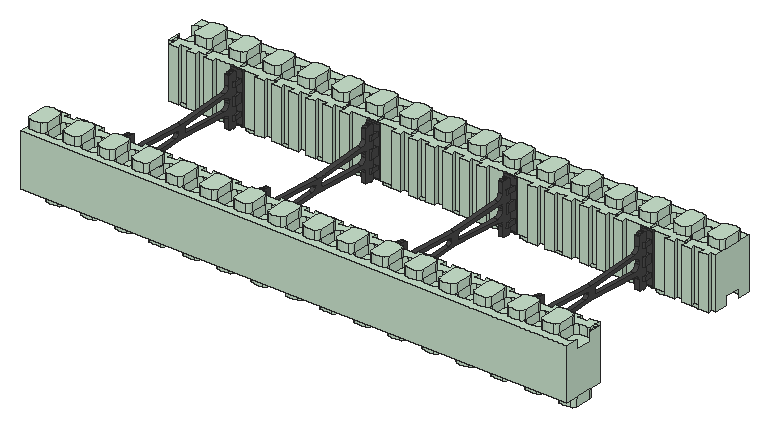
Revit family (continued)
Forms (mm)
  Extrusion 56, void
    sketch origin (508, 336.763, 0) x (-1, 0, 0) y (0, -1, 0)
      loop
        line (6.454, 56.046) -> (2.115, 56.046) -> (2.115, 47.255)
        arc (2.115, 47.255) -> (2.005, 46.676) -> (1.692, 46.177) r 1.588
        arc (1.692, 46.177) -> (0.438, 44.179) -> (0, 41.861) r 6.35
        line (0, 41.861) -> (0, 18.464)
        arc (0, 18.464) -> (1.215, 14.728) -> (4.396, 12.422) r 6.35
        arc (4.396, 12.422) -> (12.7, 11.112) -> (21.004, 12.422) r 26.987
        arc (21.004, 12.422) -> (24.185, 14.728) -> (25.4, 18.464) r 6.35
        line (25.4, 18.464) -> (25.4, 41.861)
        arc (25.4, 41.861) -> (24.185, 45.597) -> (21.004, 47.903) r 6.35
        arc (21.004, 47.903) -> (14.709, 49.138) -> (8.3, 48.851) r 26.987
        arc (8.3, 48.851) -> (7.014, 49.207) -> (6.454, 50.418) r 1.587
        line (6.454, 50.418) -> (6.454, 56.046)
    from 0 to 12.7
  Extrusion 57, void
    sketch origin (457.2, 336.763, 0) x (-1, 0, 0) y (0, -1, 0)
      loop
        line (6.454, 56.046) -> (2.115, 56.046) -> (2.115, 47.255)
        arc (2.115, 47.255) -> (2.005, 46.676) -> (1.692, 46.177) r 1.588
        arc (1.692, 46.177) -> (0.438, 44.179) -> (0, 41.861) r 6.35
        line (0, 41.861) -> (0, 18.464)
        arc (0, 18.464) -> (1.215, 14.728) -> (4.396, 12.422) r 6.35
        arc (4.396, 12.422) -> (12.7, 11.112) -> (21.004, 12.422) r 26.987
        arc (21.004, 12.422) -> (24.185, 14.728) -> (25.4, 18.464) r 6.35
        line (25.4, 18.464) -> (25.4, 41.861)
        arc (25.4, 41.861) -> (24.185, 45.597) -> (21.004, 47.903) r 6.35
        arc (21.004, 47.903) -> (14.709, 49.138) -> (8.3, 48.851) r 26.987
        arc (8.3, 48.851) -> (7.014, 49.207) -> (6.454, 50.418) r 1.587
        line (6.454, 50.418) -> (6.454, 56.046)
    from 0 to 12.7
  Extrusion 58, void
    sketch origin (406.4, 336.763, 0) x (-1, 0, 0) y (0, -1, 0)
      loop
        line (6.454, 56.046) -> (2.115, 56.046) -> (2.115, 47.255)
        arc (2.115, 47.255) -> (2.005, 46.676) -> (1.692, 46.177) r 1.588
        arc (1.692, 46.177) -> (0.438, 44.179) -> (0, 41.861) r 6.35
        line (0, 41.861) -> (0, 18.464)
        arc (0, 18.464) -> (1.215, 14.728) -> (4.396, 12.422) r 6.35
        arc (4.396, 12.422) -> (12.7, 11.112) -> (21.004, 12.422) r 26.987
        arc (21.004, 12.422) -> (24.185, 14.728) -> (25.4, 18.464) r 6.35
        line (25.4, 18.464) -> (25.4, 41.861)
        arc (25.4, 41.861) -> (24.185, 45.597) -> (21.004, 47.903) r 6.35
        arc (21.004, 47.903) -> (14.709, 49.138) -> (8.3, 48.851) r 26.987
        arc (8.3, 48.851) -> (7.014, 49.207) -> (6.454, 50.418) r 1.587
        line (6.454, 50.418) -> (6.454, 56.046)
    from 0 to 12.7
  Extrusion 59, void
    sketch origin (355.6, 336.763, 0) x (-1, 0, 0) y (0, -1, 0)
      loop
        line (6.454, 56.046) -> (2.115, 56.046) -> (2.115, 47.255)
        arc (2.115, 47.255) -> (2.005, 46.676) -> (1.692, 46.177) r 1.588
        arc (1.692, 46.177) -> (0.438, 44.179) -> (0, 41.861) r 6.35
        line (0, 41.861) -> (0, 18.464)
        arc (0, 18.464) -> (1.215, 14.728) -> (4.396, 12.422) r 6.35
        arc (4.396, 12.422) -> (12.7, 11.112) -> (21.004, 12.422) r 26.987
        arc (21.004, 12.422) -> (24.185, 14.728) -> (25.4, 18.464) r 6.35
        line (25.4, 18.464) -> (25.4, 41.861)
        arc (25.4, 41.861) -> (24.185, 45.597) -> (21.004, 47.903) r 6.35
        arc (21.004, 47.903) -> (14.709, 49.138) -> (8.3, 48.851) r 26.987
        arc (8.3, 48.851) -> (7.014, 49.207) -> (6.454, 50.418) r 1.587
        line (6.454, 50.418) -> (6.454, 56.046)
    from 0 to 12.7
  Extrusion 60, void
    sketch origin (304.8, 336.763, 0) x (-1, 0, 0) y (0, -1, 0)
      loop
        line (6.454, 56.046) -> (2.115, 56.046) -> (2.115, 47.255)
        arc (2.115, 47.255) -> (2.005, 46.676) -> (1.692, 46.177) r 1.588
        arc (1.692, 46.177) -> (0.438, 44.179) -> (0, 41.861) r 6.35
        line (0, 41.861) -> (0, 18.464)
        arc (0, 18.464) -> (1.215, 14.728) -> (4.396, 12.422) r 6.35
        arc (4.396, 12.422) -> (12.7, 11.112) -> (21.004, 12.422) r 26.987
        arc (21.004, 12.422) -> (24.185, 14.728) -> (25.4, 18.464) r 6.35
        line (25.4, 18.464) -> (25.4, 41.861)
        arc (25.4, 41.861) -> (24.185, 45.597) -> (21.004, 47.903) r 6.35
        arc (21.004, 47.903) -> (14.709, 49.138) -> (8.3, 48.851) r 26.987
        arc (8.3, 48.851) -> (7.014, 49.207) -> (6.454, 50.418) r 1.587
        line (6.454, 50.418) -> (6.454, 56.046)
    from 0 to 12.7
  Extrusion 61, void
    sketch origin (254, 336.763, 0) x (-1, 0, 0) y (0, -1, 0)
      loop
        line (6.454, 56.046) -> (2.115, 56.046) -> (2.115, 47.255)
        arc (2.115, 47.255) -> (2.005, 46.676) -> (1.692, 46.177) r 1.588
        arc (1.692, 46.177) -> (0.438, 44.179) -> (0, 41.861) r 6.35
        line (0, 41.861) -> (0, 18.464)
        arc (0, 18.464) -> (1.215, 14.728) -> (4.396, 12.422) r 6.35
        arc (4.396, 12.422) -> (12.7, 11.112) -> (21.004, 12.422) r 26.987
        arc (21.004, 12.422) -> (24.185, 14.728) -> (25.4, 18.464) r 6.35
        line (25.4, 18.464) -> (25.4, 41.861)
        arc (25.4, 41.861) -> (24.185, 45.597) -> (21.004, 47.903) r 6.35
        arc (21.004, 47.903) -> (14.709, 49.138) -> (8.3, 48.851) r 26.987
        arc (8.3, 48.851) -> (7.014, 49.207) -> (6.454, 50.418) r 1.587
        line (6.454, 50.418) -> (6.454, 56.046)
    from 0 to 12.7
  Extrusion 62, void
    sketch origin (203.2, 336.763, 0) x (-1, 0, 0) y (0, -1, 0)
      loop
        line (6.454, 56.046) -> (2.115, 56.046) -> (2.115, 47.255)
        arc (2.115, 47.255) -> (2.005, 46.676) -> (1.692, 46.177) r 1.588
        arc (1.692, 46.177) -> (0.438, 44.179) -> (0, 41.861) r 6.35
        line (0, 41.861) -> (0, 18.464)
        arc (0, 18.464) -> (1.215, 14.728) -> (4.396, 12.422) r 6.35
        arc (4.396, 12.422) -> (12.7, 11.112) -> (21.004, 12.422) r 26.987
        arc (21.004, 12.422) -> (24.185, 14.728) -> (25.4, 18.464) r 6.35
        line (25.4, 18.464) -> (25.4, 41.861)
        arc (25.4, 41.861) -> (24.185, 45.597) -> (21.004, 47.903) r 6.35
        arc (21.004, 47.903) -> (14.709, 49.138) -> (8.3, 48.851) r 26.987
        arc (8.3, 48.851) -> (7.014, 49.207) -> (6.454, 50.418) r 1.587
        line (6.454, 50.418) -> (6.454, 56.046)
    from 0 to 12.7
  Extrusion 63, void
    sketch origin (152.4, 336.763, 0) x (-1, 0, 0) y (0, -1, 0)
      loop
        line (6.454, 56.046) -> (2.115, 56.046) -> (2.115, 47.255)
        arc (2.115, 47.255) -> (2.005, 46.676) -> (1.692, 46.177) r 1.588
        arc (1.692, 46.177) -> (0.438, 44.179) -> (0, 41.861) r 6.35
        line (0, 41.861) -> (0, 18.464)
        arc (0, 18.464) -> (1.215, 14.728) -> (4.396, 12.422) r 6.35
        arc (4.396, 12.422) -> (12.7, 11.112) -> (21.004, 12.422) r 26.987
        arc (21.004, 12.422) -> (24.185, 14.728) -> (25.4, 18.464) r 6.35
        line (25.4, 18.464) -> (25.4, 41.861)
        arc (25.4, 41.861) -> (24.185, 45.597) -> (21.004, 47.903) r 6.35
        arc (21.004, 47.903) -> (14.709, 49.138) -> (8.3, 48.851) r 26.987
        arc (8.3, 48.851) -> (7.014, 49.207) -> (6.454, 50.418) r 1.587
        line (6.454, 50.418) -> (6.454, 56.046)
    from 0 to 12.7
  Extrusion 64, void
    sketch origin (101.6, 336.763, 0) x (-1, 0, 0) y (0, -1, 0)
      loop
        line (6.454, 56.046) -> (2.115, 56.046) -> (2.115, 47.255)
        arc (2.115, 47.255) -> (2.005, 46.676) -> (1.692, 46.177) r 1.588
        arc (1.692, 46.177) -> (0.438, 44.179) -> (0, 41.861) r 6.35
        line (0, 41.861) -> (0, 18.464)
        arc (0, 18.464) -> (1.215, 14.728) -> (4.396, 12.422) r 6.35
        arc (4.396, 12.422) -> (12.7, 11.112) -> (21.004, 12.422) r 26.987
        arc (21.004, 12.422) -> (24.185, 14.728) -> (25.4, 18.464) r 6.35
        line (25.4, 18.464) -> (25.4, 41.861)
        arc (25.4, 41.861) -> (24.185, 45.597) -> (21.004, 47.903) r 6.35
        arc (21.004, 47.903) -> (14.709, 49.138) -> (8.3, 48.851) r 26.987
        arc (8.3, 48.851) -> (7.014, 49.207) -> (6.454, 50.418) r 1.587
        line (6.454, 50.418) -> (6.454, 56.046)
    from 0 to 12.7
  Extrusion 65, void
    sketch origin (50.8, 336.763, 0) x (-1, 0, 0) y (0, -1, 0)
      loop
        line (6.454, 56.046) -> (2.115, 56.046) -> (2.115, 47.255)
        arc (2.115, 47.255) -> (2.005, 46.676) -> (1.692, 46.177) r 1.588
        arc (1.692, 46.177) -> (0.438, 44.179) -> (0, 41.861) r 6.35
        line (0, 41.861) -> (0, 18.464)
        arc (0, 18.464) -> (1.215, 14.728) -> (4.396, 12.422) r 6.35
        arc (4.396, 12.422) -> (12.7, 11.112) -> (21.004, 12.422) r 26.987
        arc (21.004, 12.422) -> (24.185, 14.728) -> (25.4, 18.464) r 6.35
        line (25.4, 18.464) -> (25.4, 41.861)
        arc (25.4, 41.861) -> (24.185, 45.597) -> (21.004, 47.903) r 6.35
        arc (21.004, 47.903) -> (14.709, 49.138) -> (8.3, 48.851) r 26.987
        arc (8.3, 48.851) -> (7.014, 49.207) -> (6.454, 50.418) r 1.587
        line (6.454, 50.418) -> (6.454, 56.046)
    from 0 to 12.7
Cuts and joins
  Extrusion 2, Extrusion 3, Extrusion 4, Extrusion 5, Extrusion 6, Extrusion 7, Extrusion 8, Extrusion 9, Extrusion 10, Extrusion 11, Extrusion 12, Extrusion 13, Extrusion 14, Extrusion 15, Extrusion 16, Extrusion 17, Extrusion 18, Extrusion 19, Extrusion 20, Extrusion 21, Extrusion 22, Extrusion 23, Extrusion 24, Extrusion 25, Extrusion 26, Extrusion 27, Extrusion 28, Extrusion 29, Extrusion 30, Extrusion 31, Extrusion 32, Extrusion 33, Extrusion 34, Extrusion 35, Extrusion 36, Extrusion 37, Extrusion 38, Extrusion 39, Extrusion 40, Extrusion 41, Extrusion 42, Extrusion 43, Extrusion 44, Extrusion 45, Extrusion 46, Extrusion 47, Extrusion 48, Extrusion 49, Extrusion 50, Extrusion 51, Extrusion 52, Extrusion 53, Extrusion 54, Extrusion 55, Extrusion 56, Extrusion 57, Extrusion 58, Extrusion 59, Extrusion 60, Extrusion 61, Extrusion 62, Extrusion 63, Extrusion 64, Extrusion 65 cuts Extrusion 1
Dimensions and locks
  aligned and locked: level to plane 2
Nested families
  nested 1: "Interlock Tooth" at (0, 143.088, -381), type "Interlock Tooth"
  nested 2: "Interlock Tooth" at (50.8, 143.088, -381), type "Interlock Tooth"
  nested 3: "Interlock Tooth" at (101.6, 143.088, -381), type "Interlock Tooth"
  nested 4: "Interlock Tooth" at (152.4, 143.088, -381), type "Interlock Tooth"
  nested 5: "Interlock Tooth" at (203.2, 143.088, -381), type "Interlock Tooth"
  nested 6: "Interlock Tooth" at (254, 143.088, -381), type "Interlock Tooth"
  nested 7: "Interlock Tooth" at (304.8, 143.088, -381), type "Interlock Tooth"
  nested 8: "Interlock Tooth" at (355.6, 143.088, -381), type "Interlock Tooth"
  nested 9: "Interlock Tooth" at (406.4, 143.088, -381), type "Interlock Tooth"
  nested 10: "Interlock Tooth" at (457.2, 143.088, -381), type "Interlock Tooth"
  nested 11: "Interlock Tooth" at (508, 143.088, -381), type "Interlock Tooth"
  nested 12: "Interlock Tooth" at (558.8, 143.088, -381), type "Interlock Tooth"
  nested 13: "Interlock Tooth" at (609.6, 143.088, -381), type "Interlock Tooth"
  nested 14: "Interlock Tooth" at (660.4, 143.088, -381), type "Interlock Tooth"
  nested 15: "Interlock Tooth" at (711.2, 143.088, -381), type "Interlock Tooth"
  nested 16: "Interlock Tooth" at (762, 143.088, -381), type "Interlock Tooth"
  nested 17: "Interlock Tooth" at (76.2, 143.088, -469.9), type "Interlock Tooth"
  nested 18: "Interlock Tooth" at (127, 143.088, -469.9), type "Interlock Tooth"
  nested 19: "Interlock Tooth" at (177.8, 143.088, -469.9), type "Interlock Tooth"
  nested 20: "Interlock Tooth" at (228.6, 143.088, -469.9), type "Interlock Tooth"
  nested 21: "Interlock Tooth" at (25.4, 143.088, -469.9), type "Interlock Tooth"
  nested 22: "Interlock Tooth" at (279.4, 143.088, -469.9), type "Interlock Tooth"
  nested 23: "Interlock Tooth" at (330.2, 143.088, -469.9), type "Interlock Tooth"
  nested 24: "Interlock Tooth" at (381, 143.088, -469.9), type "Interlock Tooth"
  nested 25: "Interlock Tooth" at (431.8, 143.088, -469.9), type "Interlock Tooth"
  nested 26: "Interlock Tooth" at (482.6, 143.088, -469.9), type "Interlock Tooth"
  nested 27: "Interlock Tooth" at (533.4, 143.088, -469.9), type "Interlock Tooth"
  nested 28: "Interlock Tooth" at (584.2, 143.088, -469.9), type "Interlock Tooth"
  nested 29: "Interlock Tooth" at (635, 143.088, -469.9), type "Interlock Tooth"
  nested 30: "Interlock Tooth" at (685.8, 143.088, -469.9), type "Interlock Tooth"
  nested 31: "Interlock Tooth" at (736.6, 143.088, -469.9), type "Interlock Tooth"
  nested 32: "Interlock Tooth" at (787.4, 143.088, -469.9), type "Interlock Tooth"
  nested 33: "Interlock Tooth" at (812.8, 193.888, -381) x (-1, 0, 0) z (0, 0, 1), type "Interlock Tooth"
  nested 34: "Interlock Tooth" at (762, 193.888, -381) x (-1, 0, 0) z (0, 0, 1), type "Interlock Tooth"
  nested 35: "Interlock Tooth" at (711.2, 193.888, -381) x (-1, 0, 0) z (0, 0, 1), type "Interlock Tooth"
  nested 36: "Interlock Tooth" at (660.4, 193.888, -381) x (-1, 0, 0) z (0, 0, 1), type "Interlock Tooth"
  nested 37: "Interlock Tooth" at (609.6, 193.888, -381) x (-1, 0, 0) z (0, 0, 1), type "Interlock Tooth"
  nested 38: "Interlock Tooth" at (558.8, 193.888, -381) x (-1, 0, 0) z (0, 0, 1), type "Interlock Tooth"
  nested 39: "Interlock Tooth" at (508, 193.888, -381) x (-1, 0, 0) z (0, 0, 1), type "Interlock Tooth"
  nested 40: "Interlock Tooth" at (457.2, 193.888, -381) x (-1, 0, 0) z (0, 0, 1), type "Interlock Tooth"
  nested 41: "Interlock Tooth" at (406.4, 193.888, -381) x (-1, 0, 0) z (0, 0, 1), type "Interlock Tooth"
  nested 42: "Interlock Tooth" at (355.6, 193.888, -381) x (-1, 0, 0) z (0, 0, 1), type "Interlock Tooth"
  nested 43: "Interlock Tooth" at (304.8, 193.888, -381) x (-1, 0, 0) z (0, 0, 1), type "Interlock Tooth"
  nested 44: "Interlock Tooth" at (254, 193.888, -381) x (-1, 0, 0) z (0, 0, 1), type "Interlock Tooth"
  nested 45: "Interlock Tooth" at (203.2, 193.888, -381) x (-1, 0, 0) z (0, 0, 1), type "Interlock Tooth"
  nested 46: "Interlock Tooth" at (152.4, 193.888, -381) x (-1, 0, 0) z (0, 0, 1), type "Interlock Tooth"
  nested 47: "Interlock Tooth" at (101.6, 193.888, -381) x (-1, 0, 0) z (0, 0, 1), type "Interlock Tooth"
  nested 48: "Interlock Tooth" at (50.8, 193.888, -381) x (-1, 0, 0) z (0, 0, 1), type "Interlock Tooth"
  nested 49: "Interlock Tooth" at (736.6, 193.888, -469.9) x (-1, 0, 0) z (0, 0, 1), type "Interlock Tooth"
  nested 50: "Interlock Tooth" at (685.8, 193.888, -469.9) x (-1, 0, 0) z (0, 0, 1), type "Interlock Tooth"
  nested 51: "Interlock Tooth" at (635, 193.888, -469.9) x (-1, 0, 0) z (0, 0, 1), type "Interlock Tooth"
  nested 52: "Interlock Tooth" at (584.2, 193.888, -469.9) x (-1, 0, 0) z (0, 0, 1), type "Interlock Tooth"
  nested 53: "Interlock Tooth" at (787.4, 193.888, -469.9) x (-1, 0, 0) z (0, 0, 1), type "Interlock Tooth"
  nested 54: "Interlock Tooth" at (533.4, 193.888, -469.9) x (-1, 0, 0) z (0, 0, 1), type "Interlock Tooth"
  nested 55: "Interlock Tooth" at (482.6, 193.888, -469.9) x (-1, 0, 0) z (0, 0, 1), type "Interlock Tooth"
  nested 56: "Interlock Tooth" at (431.8, 193.888, -469.9) x (-1, 0, 0) z (0, 0, 1), type "Interlock Tooth"
  nested 57: "Interlock Tooth" at (381, 193.888, -469.9) x (-1, 0, 0) z (0, 0, 1), type "Interlock Tooth"
  nested 58: "Interlock Tooth" at (330.2, 193.888, -469.9) x (-1, 0, 0) z (0, 0, 1), type "Interlock Tooth"
  nested 59: "Interlock Tooth" at (279.4, 193.888, -469.9) x (-1, 0, 0) z (0, 0, 1), type "Interlock Tooth"
  nested 60: "Interlock Tooth" at (228.6, 193.888, -469.9) x (-1, 0, 0) z (0, 0, 1), type "Interlock Tooth"
  nested 61: "Interlock Tooth" at (177.8, 193.888, -469.9) x (-1, 0, 0) z (0, 0, 1), type "Interlock Tooth"
  nested 62: "Interlock Tooth" at (127, 193.888, -469.9) x (-1, 0, 0) z (0, 0, 1), type "Interlock Tooth"
  nested 63: "Interlock Tooth" at (76.2, 193.888, -469.9) x (-1, 0, 0) z (0, 0, 1), type "Interlock Tooth"
  nested 64: "Interlock Tooth" at (25.4, 193.888, -469.9) x (-1, 0, 0) z (0, 0, 1), type "Interlock Tooth"
  nested 65: "NUDURA Height Adjuster Diamond Pattern" at (609.6, 479.638, 0), type "NUDURA Height Adjuster Diamond Pattern"
  nested 66: "NUDURA Height Adjuster Diamond Pattern" at (406.4, 479.638, 0), type "NUDURA Height Adjuster Diamond Pattern"
  nested 67: "NUDURA Height Adjuster Diamond Pattern" at (203.2, 479.638, 0), type "NUDURA Height Adjuster Diamond Pattern"
  nested 68: "NUDURA Height Adjuster Diamond Pattern" at (0, 479.638, 0), type "NUDURA Height Adjuster Diamond Pattern"
  nested 69: "NUDURA Height Adjuster Diamond Pattern" at (609.6, -142.662, 0), type "NUDURA Height Adjuster Diamond Pattern"
  nested 70: "NUDURA Height Adjuster Diamond Pattern" at (406.4, -142.662, 0), type "NUDURA Height Adjuster Diamond Pattern"
  nested 71: "NUDURA Height Adjuster Diamond Pattern" at (203.2, -142.662, 0), type "NUDURA Height Adjuster Diamond Pattern"
  nested 72: "NUDURA Height Adjuster Diamond Pattern" at (0, -142.662, 0), type "NUDURA Height Adjuster Diamond Pattern"
  nested 73: "NUDURA 8-inch Height Adjuster Web" at (101.6, 168.488, 0), type "NUDURA 8-inch Height Adjuster Web"
  nested 74: "NUDURA 8-inch Height Adjuster Web" at (304.8, 168.488, 0), type "NUDURA 8-inch Height Adjuster Web"
  nested 75: "NUDURA 8-inch Height Adjuster Web" at (508, 168.488, 0), type "NUDURA 8-inch Height Adjuster Web"
  nested 76: "NUDURA 8-inch Height Adjuster Web" at (711.2, 168.488, 0), type "NUDURA 8-inch Height Adjuster Web"
Definition of nested family "Interlock Tooth"
  Reference planes
    plane 1 "Center (Front/Back)": y = 0
    plane 2: z = 0
    plane 3 "Center (Left/Right)": x = 0
    plane 4: z = 457.2
    plane 5: z = 469.9
    plane 6: z = -12.7
  Forms (mm)
    Extrusion 1, solid, material "NUDURA Expanded Polystyrene Foam Insulation"
      sketch origin (0, -225.425, 0) x (1, 0, 0) y (0, 1, 0)
        loop
          arc (0, 101.014) -> (1.215, 97.278) -> (4.396, 94.972) r 6.35
          arc (4.396, 94.972) -> (12.7, 93.663) -> (21.004, 94.972) r 26.988
          arc (21.004, 94.972) -> (24.185, 97.278) -> (25.4, 101.014) r 6.35
          line (25.4, 101.014) -> (25.4, 124.411)
          arc (25.4, 124.411) -> (24.185, 128.147) -> (21.004, 130.453) r 6.35
          arc (21.004, 130.453) -> (12.7, 131.763) -> (4.396, 130.453) r 26.987
          arc (4.396, 130.453) -> (1.215, 128.147) -> (0, 124.411) r 6.35
          line (0, 124.411) -> (0, 101.014)
      from 457.2 to 469.9
  Dimensions and locks
    locked: plane 4 to level at 457.2
    locked: plane 4 to plane 5 at 12.7
    locked: plane 6 to level at 12.7
Definition of nested family "NUDURA 8-inch Height Adjuster Web"
  Reference planes
    plane 1 "Center (Front/Back)": y = 0
    plane 2: z = 0
    plane 3 "Center (Left/Right)": x = 0
    plane 4: z = 76.2
    plane 5: z = 12.7
    plane 6: z = 63.5
    plane 7: z = 57.15
    plane 8: z = 19.05
    plane 9: z = 31.75
    plane 10: z = 44.45
  Forms (mm)
    Extrusion 1, solid, material "High Density Polystyrene"
      sketch origin (0, 6.921, 0) x (0, 1, 0) y (0, 0, 1)
        loop
          line (101.029, 0) -> (101.029, 76.2)
          arc (101.029, 76.2) -> (100.295, 75.698) -> (100.012, 74.856) r 1.397
          line (100.012, 74.856) -> (100.012, 1.344)
          arc (100.012, 1.344) -> (100.295, 0.502) -> (101.029, 0) r 1.397
        loop
          arc (-114.871, 0) -> (-114.138, 0.502) -> (-113.855, 1.344) r 1.397
          line (-113.855, 1.344) -> (-113.855, 74.856)
          arc (-113.855, 74.856) -> (-114.138, 75.698) -> (-114.871, 76.2) r 1.397
          line (-114.871, 76.2) -> (-114.871, 0)
      from -9.227 to 9.227
    Extrusion 2, solid, material "High Density Polystyrene"
      sketch origin (0, 0.508, 0) x (0, 1, 0) y (0, 0, 1)
        loop
          arc (88.392, 59.895) -> (86.412, 54.771) -> (81.501, 52.31) r 7.62
          line (81.501, 52.31) -> (-0.087, 47.636) -> (-83.124, 52.393)
          arc (-83.124, 52.393) -> (-87.629, 55.001) -> (-89.408, 59.895) r 7.62
          line (-89.408, 59.895) -> (-89.408, 74.195) -> (-91.948, 74.195)
          arc (-91.948, 74.195) -> (-92.312, 75.074) -> (-93.191, 75.438) r 1.243
          line (-93.191, 75.438) -> (-97.028, 75.438) -> (-97.79, 76.2) -> (-100.076, 76.2) -> (-102.108, 74.168) -> (-102.108, 2.032) -> (-100.076, 0) -> (-97.79, 0) -> (-97.028, 0.762) -> (-93.191, 0.762)
          arc (-93.191, 0.762) -> (-92.312, 1.126) -> (-91.948, 2.005) r 1.243
          line (-91.948, 2.005) -> (-89.408, 2.005) -> (-89.408, 16.251)
          arc (-89.408, 16.251) -> (-87.328, 21.483) -> (-82.224, 23.858) r 7.62
          line (-82.224, 23.858) -> (-0.087, 28.564) -> (81.211, 23.907)
          arc (81.211, 23.907) -> (86.312, 21.483) -> (88.392, 16.251) r 7.62
          line (88.392, 16.251) -> (88.392, 2.005) -> (90.932, 2.005)
          arc (90.932, 2.005) -> (91.296, 1.126) -> (92.175, 0.762) r 1.243
          line (92.175, 0.762) -> (96.012, 0.762) -> (96.774, 0) -> (99.06, 0) -> (101.092, 2.032) -> (101.092, 74.168) -> (99.06, 76.2) -> (96.774, 76.2) -> (96.012, 75.438) -> (92.175, 75.438)
          arc (92.175, 75.438) -> (91.296, 75.074) -> (90.932, 74.195) r 1.243
          line (90.932, 74.195) -> (88.392, 74.195) -> (88.392, 59.895)
        loop
          line (9.652, 32.591) -> (80.561, 28.803)
          arc (80.561, 28.803) -> (86.353, 30.79) -> (88.813, 36.397) r 7.62
          line (88.813, 36.397) -> (88.813, 39.803)
          arc (88.813, 39.803) -> (86.353, 45.41) -> (80.561, 47.397) r 7.62
          line (80.561, 47.397) -> (9.652, 43.609)
          arc (9.652, 43.609) -> (6.335, 41.987) -> (4.993, 38.547) r 5.08
          line (4.993, 38.547) -> (4.993, 37.653)
          arc (4.993, 37.653) -> (6.335, 34.213) -> (9.652, 32.591) r 5.08
        loop
          arc (-5.167, 38.547) -> (-6.509, 41.987) -> (-9.825, 43.609) r 5.08
          line (-9.825, 43.609) -> (-80.735, 47.397)
          arc (-80.735, 47.397) -> (-86.527, 45.41) -> (-88.987, 39.803) r 7.62
          line (-88.987, 39.803) -> (-88.987, 36.397)
          arc (-88.987, 36.397) -> (-86.527, 30.79) -> (-80.735, 28.803) r 7.62
          line (-80.735, 28.803) -> (-9.825, 32.591)
          arc (-9.825, 32.591) -> (-6.509, 34.213) -> (-5.167, 37.653) r 5.08
          line (-5.167, 37.653) -> (-5.167, 38.547)
      from -3.175 to 3.175
    Extrusion 3, void
      sketch origin (0, 25.4, -2.205) x (-1, 0, 0) y (0, -1, 0)
        loop
          arc (-6.35, -70.929) -> (-5.736, -69.448) -> (-4.255, -68.834) r 2.095
          line (-4.255, -68.834) -> (-6.35, -68.834) -> (-6.35, -70.929)
      from 14.905 to 65.705
    Extrusion 4, void
      sketch origin (0, -25.4, 0) x (1, 0, 0) y (0, 1, 0)
        loop
          arc (-6.35, -70.929) -> (-5.736, -69.448) -> (-4.255, -68.834) r 2.095
          line (-4.255, -68.834) -> (-6.35, -68.834) -> (-6.35, -70.929)
      from 12.7 to 63.5
    Extrusion 5, void
      sketch origin (0, -25.4, 0) x (-1, 0, 0) y (0, -1, 0)
        loop
          line (-6.35, 70.929) -> (-6.35, 68.834) -> (-4.255, 68.834)
          arc (-4.255, 68.834) -> (-5.736, 69.448) -> (-6.35, 70.929) r 2.095
      from 12.7 to 63.5
    Extrusion 6, solid, material "High Density Polystyrene"
      sketch origin (0, 0, 0) x (0, 1, 0) y (0, 0, 1)
        loop
          line (106.934, 63.5) -> (94.234, 63.5) -> (94.234, 57.15) -> (106.934, 57.15) -> (106.934, 63.5)
        loop
          line (106.934, 44.45) -> (94.234, 44.45) -> (94.234, 31.75) -> (106.934, 31.75) -> (106.934, 44.45)
        loop
          line (106.934, 19.05) -> (94.234, 19.05) -> (94.234, 12.7) -> (106.934, 12.7) -> (106.934, 19.05)
        loop
          line (-106.934, 63.5) -> (-106.934, 57.15) -> (-94.234, 57.15) -> (-94.234, 63.5) -> (-106.934, 63.5)
        loop
          line (-106.934, 44.45) -> (-106.934, 31.75) -> (-94.234, 31.75) -> (-94.234, 44.45) -> (-106.934, 44.45)
        loop
          line (-106.934, 19.05) -> (-106.934, 12.7) -> (-94.234, 12.7) -> (-94.234, 19.05) -> (-106.934, 19.05)
      from -6.35 to 6.35
    Extrusion 7, void
      sketch origin (0, 25.4, -2.205) x (1, 0, 0) y (0, 1, 0)
        loop
          line (-6.35, 70.929) -> (-6.35, 68.834) -> (-4.255, 68.834)
          arc (-4.255, 68.834) -> (-5.736, 69.448) -> (-6.35, 70.929) r 2.095
      from 14.905 to 65.705
  Cuts and joins
    Extrusion 3, Extrusion 4, Extrusion 5, Extrusion 7 cuts Extrusion 6
    Extrusion 7 cuts Extrusion 1
Definition of nested family "NUDURA Height Adjuster Diamond Pattern"
  Reference planes
    plane 1 "Center (Front/Back)": y = 0
    plane 2: z = 0
    plane 3 "Center (Left/Right)": x = 0
    plane 4: z = 76.2
  Lines and regions (mm)
    model lines
      curve 1: line (203.2, -142.875, 76.2) -> (203.2, -142.875, 0)
      curve 2: line (152.4, -142.875, 76.2) -> (152.4, -142.875, 0)
      curve 3: line (50.8, -142.875, 76.2) -> (50.8, -142.875, 0)
      curve 4: line (117.704, -142.875, 63.885) -> (108.981, -142.875, 72.608)
      curve 5: arc (117.704, -142.875, 50.415) -> (120.494, -142.875, 57.15) -> (117.704, -142.875, 63.885) r 9.525
      curve 6: line (108.981, -142.875, 41.692) -> (117.704, -142.875, 50.415)
      curve 7: line (85.183, -142.875, 50.415) -> (93.906, -142.875, 41.692)
      curve 8: arc (85.183, -142.875, 63.885) -> (82.394, -142.875, 57.15) -> (85.183, -142.875, 50.415) r 9.525
      curve 9: line (93.906, -142.875, 72.608) -> (85.183, -142.875, 63.885)
      curve 10: arc (105.934, -142.875, 71.165) -> (101.444, -142.875, 73.025) -> (96.953, -142.875, 71.165) r 6.35
      curve 11: line (96.953, -142.875, 71.165) -> (87.428, -142.875, 61.64)
      curve 12: arc (87.428, -142.875, 61.64) -> (85.569, -142.875, 57.15) -> (87.428, -142.875, 52.66) r 6.35
      curve 13: line (87.428, -142.875, 52.66) -> (96.953, -142.875, 43.135)
      curve 14: arc (96.953, -142.875, 43.135) -> (101.444, -142.875, 41.275) -> (105.934, -142.875, 43.135) r 6.35
      curve 15: line (105.934, -142.875, 43.135) -> (115.459, -142.875, 52.66)
      curve 16: arc (115.459, -142.875, 52.66) -> (117.319, -142.875, 57.15) -> (115.459, -142.875, 61.64) r 6.35
      curve 17: line (115.459, -142.875, 61.64) -> (105.934, -142.875, 71.165)
      curve 18: arc (93.906, -142.875, 34.508) -> (95.394, -142.875, 38.1) -> (93.906, -142.875, 41.692) r 5.08
      curve 19: line (93.906, -142.875, 34.508) -> (85.183, -142.875, 25.785)
      curve 20: arc (85.183, -142.875, 25.785) -> (82.394, -142.875, 19.05) -> (85.183, -142.875, 12.315) r 9.525
      curve 21: line (85.183, -142.875, 12.315) -> (94.708, -142.875, 2.79)
      curve 22: arc (94.708, -142.875, 2.79) -> (101.444, -142.875, 0) -> (108.179, -142.875, 2.79) r 9.525
      curve 23: line (108.179, -142.875, 2.79) -> (117.704, -142.875, 12.315)
      curve 24: arc (117.704, -142.875, 12.315) -> (120.494, -142.875, 19.05) -> (117.704, -142.875, 25.785) r 9.525
      curve 25: line (117.704, -142.875, 25.785) -> (108.981, -142.875, 34.508)
      curve 26: arc (108.981, -142.875, 41.692) -> (107.493, -142.875, 38.1) -> (108.981, -142.875, 34.508) r 5.08
      curve 27: arc (105.934, -142.875, 33.065) -> (101.444, -142.875, 34.925) -> (96.953, -142.875, 33.065) r 6.35
      curve 28: line (115.459, -142.875, 23.54) -> (105.934, -142.875, 33.065)
      curve 29: arc (115.459, -142.875, 14.56) -> (117.319, -142.875, 19.05) -> (115.459, -142.875, 23.54) r 6.35
      curve 30: line (105.934, -142.875, 5.035) -> (115.459, -142.875, 14.56)
      curve 31: arc (96.953, -142.875, 5.035) -> (101.444, -142.875, 3.175) -> (105.934, -142.875, 5.035) r 6.35
      curve 32: line (87.428, -142.875, 14.56) -> (96.953, -142.875, 5.035)
      curve 33: arc (87.428, -142.875, 23.54) -> (85.569, -142.875, 19.05) -> (87.428, -142.875, 14.56) r 6.35
      curve 34: line (96.953, -142.875, 33.065) -> (87.428, -142.875, 23.54)
      curve 35: arc (108.179, -142.875, 73.41) -> (101.444, -142.875, 76.2) -> (94.708, -142.875, 73.41) r 9.525
